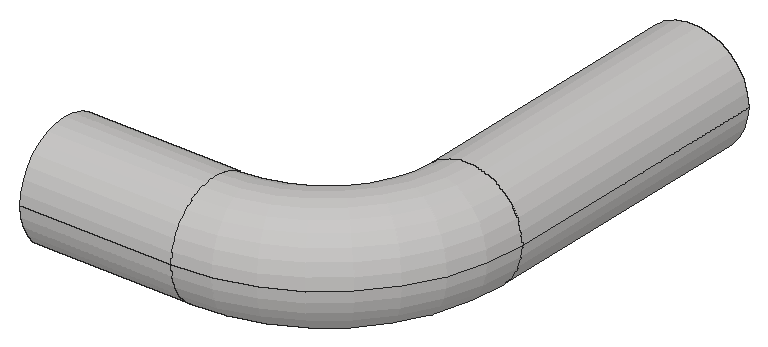
Revit family "MaleStreetBend-B-Inox-Conex-15-54mm-PS5030", category Pipe Fittings, Revit 2019
Family settings
  Round Connector Dimension = Use Diameter
  Part Type = Elbow
  OmniClass Number = 23.60.30.11.14
  OmniClass Title = Pipework Fittings
  Work Plane-Based = No
  Always vertical = Yes
  Cut with Voids When Loaded = No
  Shared = No
Parameters (values of type "Standard")
  Z [instance] = size_lookup(Lookup Table Name, "Z", NominalDiameter, NominalDiameter, Angle)  # 53.00 mm
  Weight_KG/Ea [instance] = size_lookup(Lookup Table Name, "WT", 0, NominalDiameter, Angle)  # 0.437
  Uniformat IIElements = "TBC"
  URL = "http://www.conexbanninger.com/search.php?brands_id=34"
  Type Comments = "TBC"
  TickSize [instance] = NominalDiameter  # 42.00 mm
  SerialNumber [instance] = ""
  RingThickness [instance] = if(NominalDiameter < 40.00 mm, 2.00 mm, 4.00 mm)  # 4.00 mm
  RingAlignment [instance] = Z + ((L - Z) * 0.5625)  # 113.188 mm
  ProductCode [instance] = if(and(NominalDiameter = 15.00 mm, Angle = 90.00°), "PS 5030 0150000", if(and(NominalDiameter = 18.00 mm, Angle = 90.00°), "PS 5030 0180000", if(and(NominalDiameter = 22.00 mm, Angle = 90.00°), "PS 5030 0220000", if(and(NominalDiameter = 28.00 mm, Angle = 90.00°), "PS 5030 0280000", if(and(NominalDiameter = 35.00 mm, Angle = 90.00°), "PS 5030 0350000", if(and(NominalDiameter = 42.00 mm, Angle = 90.00°), "PS 5030 0420000", if(and(NominalDiameter = 54.00 mm, Angle = 90.00°), "PS 5030 0540000", "ProductCode NA")))))))  # "PS 5030 0420000"
  OmniclassProducts = "TBC"
  NominalRadius [instance] = NominalDiameter / 2  # 21.00 mm
  NominalDiameter [instance] = 42.00 mm
  NATSPECWorkSection = "TBC"
  ModifiedIssue_ANZRS = 20161226.54  # constant formula
  Model Version = "2015"
  Model Status [instance] = ""
  Model Specification = "BMA"
  Model = "Male Street Bend"  # constant formula
  Material = Stainless Steel AISI 317
  Mark [instance] = ""
  Manufacturer = "Conex | Bänninger"  # constant formula
  Loss Method = K Coefficient from Table
  Lookup Table Name = "MaleStreetBend-B-Inox-Conex-15-54mm-PS5030"
  SocketDepth [instance] = L - Z  # 107.00 mm
  L1 [instance] = size_lookup(Lookup Table Name, "L1", 1.5 * NominalDiameter, NominalDiameter, Angle)  # 110.00 mm
  L [instance] = size_lookup(Lookup Table Name, "L", 1.5 * NominalDiameter, NominalDiameter, Angle)  # 160.00 mm
  K Coefficient Table = "Regular 45, 90 and 180 Elbow"
  built-in parameter 1114238 [instance] = not(0.00 mm < size_lookup(Lookup Table Name, "L", 0.00 mm, NominalDiameter, Angle))  # (empty or 0)
  FittingOutsideRadius [instance] = FittingOutsideDiameter / 2  # 23.10 mm
  FittingOutsideDiameter [instance] = NominalDiameter * 1.1  # 46.20 mm
  FittingAngle [instance] = Angle  # 90.00°
  FinalHHWFlow [instance] = 0.0 L/s
  ElbowDiameter [instance] = NominalDiameter  # 42.00 mm
  Description = ">B< Press Inox is a quick and simple to install flame-free fitting, manufactured using high quality hygienic stainless steel materials, suitable for multiple applications."  # constant formula
  CustomFitting [instance] = not(0.00 mm < size_lookup(Lookup Table Name, "L", 0.00 mm, NominalDiameter, Angle))  # no
  CreatedByURL_ANZRS = "http://www.bimmepaus.com.au/"
  CreatedBy = "A2K Technologies"  # constant formula
  ConnectorTolerance = 2.00°
  ConnectorAngle [instance] = 90.00°
  CenterRadius [instance] = Z  # 53.00 mm
  CenterEnd [instance] = CenterRadius * tan(FittingAngle / 2)  # 53.00 mm
  Assembly Code = "D2090800"
  Angle [instance] = if(and(ConnectorAngle < 45.00° + ConnectorTolerance, ConnectorAngle > 45.00° - ConnectorTolerance), 45.00°, if(and(ConnectorAngle < 90.00° + ConnectorTolerance, ConnectorAngle > 90.00° - ConnectorTolerance), 90.00°, if(and(ConnectorAngle < 5.00° + ConnectorTolerance, ConnectorAngle > 5.00° - ConnectorTolerance), 5.00°, if(and(ConnectorAngle < 15.00° + ConnectorTolerance, ConnectorAngle > 15.00° - ConnectorTolerance), 15.00°, if(and(ConnectorAngle < 30.00° + ConnectorTolerance, ConnectorAngle > 30.00° - ConnectorTolerance), 30.00°, if(and(ConnectorAngle < 60.00° + ConnectorTolerance, ConnectorAngle > 60.00° - ConnectorTolerance), 60.00°, ConnectorAngle))))))  # 90.00°
  2DLineLength [instance] = L - SocketDepth  # 53.00 mm
Reference planes
  plane 1 "Center (Front/Back)": y = 0
  plane 2: z = 0
  plane 3 "Center (Left/Right)": x = 0
  plane 4: x = -110
Forms (mm)
  Sweep 1, solid, material "Stainless Steel AISI 317" <- "Material", detail levels fine
    path origin (0, 0, 0) x (1, 0, 0) y (0, 1, 0)
      loop
        line (0, 160) -> (0, 53)
        arc (0, 53) -> (-15.523, 15.523) -> (-53, 0) r 53
        line (-53, 0) -> (-110, 0)
    profile origin (-15.523, 15.523, 0) x (0.707107, -0.707107, 0) y (0, 0, 1)
      loop
        circle (0, 0) r 21
Lines and regions (mm)
  model lines, detail levels coarse+medium
    curve 1: line (-110, 0, 0) -> (0, 0, 0)
    curve 2: line (-110, 21, 0) -> (-110, -21, 0)
    curve 3: line (0, 0, 0) -> (0, 160, 0)
    curve 4: line (-21, 160, 0) -> (21, 160, 0)
Dimensions and locks
  "L1": plane 4 to plane 3 "Center (Left/Right)"
  "CenterEnd": Sweep 1 sketch curve to plane 3 "Center (Left/Right)"
  "CenterRadius": plane 1 "Center (Front/Back)" to Sweep 1 sketch curve
  locked: plane 3 "Center (Left/Right)" to Sweep 1 sketch curve at 0
  plane 3 "Center (Left/Right)" to Sweep 1 sketch curve = 160.00 mm
  "L": curve 1 to Sweep 1 sketch curve
  "L": curve 1 to curve 4
  locked: curve 1 to curve 3
  equal spacing: curve 2, plane 1 "Center (Front/Back)", curve 2
  "NominalDiameter": curve 2 to curve 2
  equal spacing: curve 4, curve 3, curve 4
  "TickSize": curve 4 to curve 4
  "CenterRadius": radius of Sweep 1 sketch curve
  "ElbowDiameter": diameter of Sweep 1 sketch curve
  "ConnectorAngle": angle Sweep 1 sketch curve to Sweep 1 sketch curve
  "ConnectorAngle": angle plane 1 "Center (Front/Back)" to Sweep 1 sketch curve
  "ConnectorAngle": angle plane 1 "Center (Front/Back)" to curve 3
  locked: curve 3 to curve 4 (angle 90.00°)
  aligned and locked: level to plane 2
  aligned and locked: plane 1 "Center (Front/Back)" to curve 1
  aligned and locked: level to Sweep 1 sketch curve
  aligned and locked: plane 4 to Sweep 1 sketch curve
  aligned and locked: curve 2 to plane 4
Automatic sketch dimensions
  plane 1 "Center (Front/Back)" to curve 3 = 0.00 mm
  Sweep 1 sketch curve to profile plane = 0.00 mm
Connectors
  piping at (-110, 0, 0), diameter 42, driven by "NominalDiameter", driven by "ConnectorAngle"
    settings: on Sweep 1, index 3, connector inside diameter 609.6 mm, connector length 0.00 mm, flow factor 0, pipe flow 0.0 L/s, pressure drop 0.0 Pa, fitting loss kfactor 0, connector angle 90.00°, fixture units 0, engagement length 0.00 mm, angle of deflection 0.00°, flow configuration 0, flow direction 0, fitting loss method 0, system type 28, joint type 0, gender type 0, connector reference index 4, connector utility 0, adjustable connector no, is connector primary yes, connector description ""
  piping at (0, 160, 0), diameter 42, driven by "NominalDiameter", driven by "ConnectorAngle"
    settings: on Sweep 1, index 4, connector inside diameter 609.6 mm, connector length 0.00 mm, flow factor 0, pipe flow 0.0 L/s, pressure drop 0.0 Pa, fitting loss kfactor 0, connector angle 90.00°, fixture units 0, engagement length 0.00 mm, angle of deflection 0.00°, flow configuration 0, flow direction 0, fitting loss method 0, system type 28, joint type 0, gender type 0, connector reference index 3, connector utility 0, adjustable connector no, is connector primary no, connector description ""
